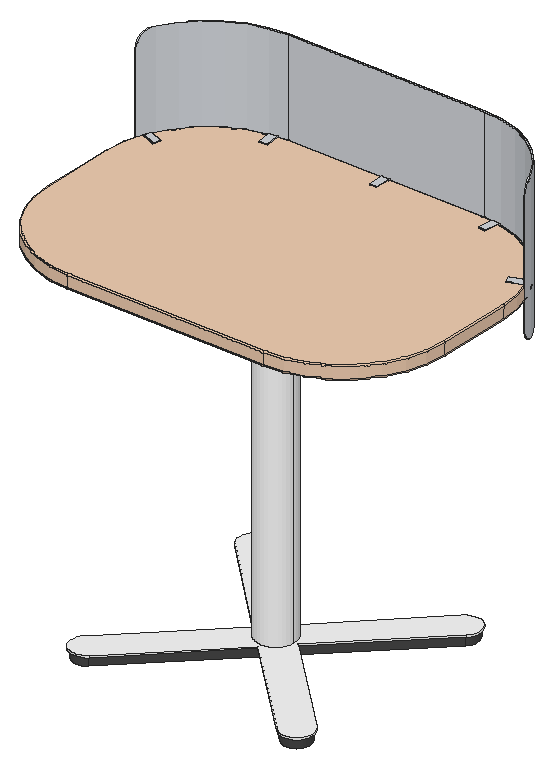
Revit family "DBLTD_TheSenatorGroup_OfficeTables_X&Y", category Furniture, Revit 2021
Family settings
  OmniClass Number = 23.40.20.00
  OmniClass Title = General Furniture and Specialties
  Work Plane-Based = No
  Always vertical = Yes
  Cut with Voids When Loaded = No
  Shared = Yes
  Room Calculation Point = No
Parameters (values of type "Soft Rectangle")
  WorktopMaterial = DBLTD_TheSenatorGroup_Wood_Oak
  WorksurfaceArea = NominalWidth * NominalDepth  # 0.3975 m²
  WithScreen (04 & 04A only) [instance] = yes
  WarrantyStartDate [instance] = " "
  WarrantyGuarantorParts = "https://www.thesenatorgroup.com/"
  WarrantyGuarantorLabor = "https://www.thesenatorgroup.com/"
  WarrantyDurationUnit = "years"
  WarrantyDurationParts = "5"
  WarrantyDurationLabor = "5"
  WarrantyDescription = "The Senator Group warrants that its manufactured products are free from manufacturing defects - in materials or workmanship - for a period of five (5) years.\r\nAllermuir will repair, or replace (at Allermuir’s sole discretion) with comparable free of charge materials/ components, any product/ component which fails under normal use in a single shift environment, as a result of a defect in the materials and/or workmanship.\r\n\r\nExceptions -\r\nNon-standard product - 2 years\r\nScreen-mounted Accessories/ Dry-wipe Boards - 2 years\r\nElectrical and/or electronic componentry - 2 years\r\n\r\nExclusions - Allermuir does not warrant:\r\nFailure due to normal “Wear and Tear”.\r\nNatural variations in appearance of wood - its grain, figure and colour.\r\nChanges in surface appearance resulting from exposure to light, and the natural ageing process of wood.\r\nChanges in surface appearance resulting from the misuse of cleaning materials and methods/ damage form sharp objects/ imprinting from writing implements.\r\nNatural variations in Leather - its marks, scars and wrinkles.\r\nProduct stored/ exposed to extreme operational conditions.\r\nConsumable components such as Fuses/ Lights/ lamps/ transformers/etc.\r\nOther Manufacturer’s product supplied by Allermuir (their own warranty shall apply where possible).\r\nNon-standard fabrics/ finishes or veneers used. Allermuir only checks the manufacturing quality of Customer’s\r\nOwn Material (COM) and provides no warranty for the finish/ fabric itself.\r\nProduct which has not been installed/ moved/ reconfigured by Allermuir approved personnel.\r\nAllermuir shall be under no liability whatsoever for any consequential damage, loss or other expenses whether arising out of contract, negligence or otherwise."
  Version = "1"
  Uniclass2015Version = "Products v1.15"
  Uniclass2015Title = "Office tables"
  Uniclass2015Code = "Pr_40_50_21_60"
  URL = "https://www.thesenatorgroup.com/"
  Type Comments = ModelReference  # "Soft Rectangle"
  TagNumber [instance] = " "
  TableType = Nested_DBLTD_TheSenatorGroup_OfficeTables_X&Y_04 : Nested_DBLTD_TheSenatorGroup_OfficeTables_X&Y_04
  SustainabilityPerformance = "n/a"
  Size = "685 - 1185 x 750 x 530 mm"
  Shape = "Rectangular"
  SerialNumber [instance] = " "
  ScreenMaterial [instance] = DBLTD_TheSenatorGroup_Plastic_White
  Revision = ""
  ReplacementCost = "n/a"
  ProductInformation = "https://www.senator.online/en-gb/Ranges/x-y"
  NumberOfChairs = 0
  NominalWidth = 750 mm
  NominalHeight [instance] = 680 mm
  NominalDepth = 530 mm
  Name = "Table"
  ModelReference = "Soft Rectangle"
  ModelNumber = "XY04"
  Model = ModelNumber  # "XY04"
  Material = "Frame: Easy lift frame finished in black or white powder coat. Top: 25mm MFC top with matching edge tape"
  ManufacturerURL = "https://www.thesenatorgroup.com/"
  ManufacturerName = "The Senator Group"
  Keynote = Category  # "Pr_40_50_21_60 Office tables"
  InstallationDate [instance] = " "
  Grade = "n/a"
  FrameMaterial [instance] = DBLTD_TheSenatorGroup_Metal_White
  Finish = "Frame; Black, White. Top; Variable"
  Features = "OH: 685mm - 1185mm"
  ExpectedLife = "5"
  DurationUnit = "years"
  Cost = 0
  Constituents = "Frame, Top"
  Color = "Frame; Black, White. Top; Variable"
  CodePerformance = "n/a"
  Category = "Pr_40_50_21_60 Office tables"
  Manufacturer = ManufacturerName  # "The Senator Group"
  Description = ModelReference  # "Soft Rectangle"
  Default Elevation = 0 mm
  CableTrayMaterial [instance] = DBLTD_TheSenatorGroup_Plastic_Black
  BarCode [instance] = " "
  Author = "Diane Butterworth Ltd"
  AssetType = "Movable"
  AssetIdentifier [instance] = " "
  Assembly Code = "E2020200"
  AccessibilityPerformance = "n/a"
Types (5, lengths in mm): name | WorksurfaceArea | WithScreen (04 & 04A only) | Type Comments | TableType | Size | NominalWidth | NominalHeight | NominalDepth | ModelReference | ModelNumber | Model | Features | Description
  Small Soft Rectangle | 0.1925 m² | no | "Small Soft Rectangle" | Nested_DBLTD_TheSenatorGroup_OfficeTables_X&Y_01 : Nested_DBLTD_TheSenatorGroup_OfficeTables_X&Y_01 | "545 - 795 x 350 x 550 mm" | 350 | 545 | 550 | "Small Soft Rectangle" | "XY01" | "XY01" | "OH: 545 - 795mm" | "Small Soft Rectangle"
  Small Soft Square | 0.25 m² | no | "Small Soft Square" | Nested_DBLTD_TheSenatorGroup_OfficeTables_X&Y_02 : Nested_DBLTD_TheSenatorGroup_OfficeTables_X&Y_02 | "545 - 795 x 500 x 500 mm" | 500 | 545 | 500 | "Small Soft Square" | "XY02" | "XY02" | "OH: 545 - 795mm" | "Small Soft Square"
  Large Soft Rectangle | 0.60 m² | no | "Large Soft Rectangle" | Nested_DBLTD_TheSenatorGroup_OfficeTables_X&Y_03 : Nested_DBLTD_TheSenatorGroup_OfficeTables_X&Y_03 | "685 - 1185 x 1200 x 500 mm" | 1200 | 680 | 500 | "Large Soft Rectangle" | "XY03" | "XY03" | "OH: 685mm - 1185mm" | "Large Soft Rectangle"
  Soft Rectangle | 0.3975 m² | yes | "Soft Rectangle" | Nested_DBLTD_TheSenatorGroup_OfficeTables_X&Y_04 : Nested_DBLTD_TheSenatorGroup_OfficeTables_X&Y_04 | "685 - 1185 x 750 x 530 mm" | 750 | 680 | 530 | "Soft Rectangle" | "XY04" | "XY04" | "OH: 685mm - 1185mm" | "Soft Rectangle"
  Soft Rectangle with Battery Docking Station | 0.3975 m² | yes | "Soft Rectangle with Battery Docking Station" | Nested_DBLTD_TheSenatorGroup_OfficeTables_X&Y_04A : Nested_DBLTD_TheSenatorGroup_OfficeTables_X&Y_04A | "685 - 1185 x 750 x 530 mm" | 750 | 680 | 530 | "Soft Rectangle with Battery Docking Station" | "XY04A" | "XY04A" | "OH: 685mm - 1185mm, Docking cradle for battery" | "Soft Rectangle with Battery Docking Station"
Reference planes
  plane 1 "Center (Front/Back)": y = 0
  plane 2: z = 0
  plane 3 "Center (Left/Right)": x = 0
  plane 4: z = 680
  plane 5: z = 655
Dimensions and locks
  "NominalHeight": plane 4 to level
  plane 4 to plane 5 = 25 mm
  aligned and locked: level to plane 2
Nested families
  nested 1: "Nested_DBLTD_TheSenatorGroup_OfficeTables_X&Y_04" at (0, 0, 0), type <- "TableType", OveralHeight <- "NominalHeight", FrameMaterial <- "FrameMaterial", WorktopMaterial <- "WorktopMaterial", WithScreen <- "WithScreen (04 & 04A only)", type "Nested_DBLTD_TheSenatorGroup_OfficeTables_X&Y_04"
    with WorktopMaterial DBLTD_TheSenatorGroup_Wood_Oak, WithScreen yes, ScreenMaterial none, OveralHeight 680 mm, FrameMaterial DBLTD_TheSenatorGroup_Metal_White, CableTrayMaterial none
Definition of nested family "Nested_DBLTD_TheSenatorGroup_OfficeTables_X&Y_04"
  Parameters (values of type "Nested_DBLTD_TheSenatorGroup_OfficeTables_X&Y_04")
    WorktopMaterial [instance] = none
    WithScreen [instance] = yes
    ScreenMaterial [instance] = none
    OveralHeight [instance] = 685 mm
    FrameMaterial [instance] = none
    Default Elevation = 0 mm
    CableTrayMaterial [instance] = none
  Reference planes
    plane 1 "Center (Front/Back)": y = 0
    plane 2: z = 0
    plane 3 "Center (Left/Right)": x = 0
    plane 4: z = 685
    plane 5: z = 659.949
    plane 6: z = 659.949
    plane 7: z = 642.5
    plane 8: x = -374.752
    plane 9: x = 375.248
    plane 10: y = -260
    plane 11: y = 260
    plane 12: z = 862.555
    plane 13: z = 587.506
  Forms (mm)
    Extrusion 1, solid, material <- "WorktopMaterial"
      sketch origin (0, 0, 0) x (1, 0, 0) y (0, 1, 0)
        loop
          arc (-184.752, 260) -> (-319.102, 204.35) -> (-374.752, 70) r 190
          line (-374.752, 70) -> (-374.752, -70)
          arc (-374.752, -70) -> (-319.102, -204.35) -> (-184.752, -260) r 190
          line (-184.752, -260) -> (185.248, -260)
          arc (185.248, -260) -> (319.598, -204.35) -> (375.248, -70) r 190
          line (375.248, -70) -> (375.248, 70)
          arc (375.248, 70) -> (319.598, 204.35) -> (185.248, 260) r 190
          line (185.248, 260) -> (-184.752, 260)
      from 659.949 to 685
    Sweep 2, void
      path in 3D
        loop
          arc (-374.752, -70, 685) -> (-319.102, -204.35, 685) -> (-184.752, -260, 685) r 190
          line (-184.752, -260, 685) -> (185.248, -260, 685)
          arc (185.248, -260, 685) -> (319.598, -204.35, 685) -> (375.248, -70, 685) r 190
          line (375.248, -70, 685) -> (375.248, 70, 685)
          arc (375.248, 70, 685) -> (319.598, 204.35, 685) -> (185.248, 260, 685) r 190
          line (185.248, 260, 685) -> (-184.752, 260, 685)
          arc (-184.752, 260, 685) -> (-319.102, 204.35, 685) -> (-374.752, 70, 685) r 190
          line (-374.752, 70, 685) -> (-374.752, -70, 685)
      profile origin (-374.752, 0, 685) x (1, 0, 0) y (0, 0, 1)
        loop
          line (0, 0) -> (0, -2.014)
          arc (0, -2.014) -> (0.59, -0.59) -> (2.014, 0) r 2.014
          line (2.014, 0) -> (0, 0)
        loop
          line (0, -25.051) -> (2.014, -25.051)
          arc (2.014, -25.051) -> (0.59, -24.461) -> (0, -23.037) r 2.014
          line (0, -23.037) -> (0, -25.051)
    Extrusion 3, solid, material <- "FrameMaterial"
      sketch origin (0, 0, 0) x (1, 0, 0) y (0, 1, 0)
        loop
          circle (0, 0) r 35
      from 20.5 to 642.5
    Extrusion 4, solid, material <- "FrameMaterial"
      sketch origin (0, 0, 0) x (0.707107, 0.707107, 0) y (-0.707107, 0.707107, 0)
        loop
          line (-30, 279.757) -> (-30, 30) -> (-279.801, 30)
          arc (-279.801, 30) -> (-309.801, 0) -> (-279.801, -30) r 30
          line (-279.801, -30) -> (-30, -30) -> (-30, -279.801)
          arc (-30, -279.801) -> (0, -309.801) -> (30, -279.801) r 30
          line (30, -279.801) -> (30, -30) -> (279.801, -30)
          arc (279.801, -30) -> (309.801, 0) -> (279.801, 30) r 30
          line (279.801, 30) -> (30, 30) -> (30, 279.757)
          arc (30, 279.757) -> (0, 309.757) -> (-30, 279.757) r 30
      from 20.5 to 17.5
    Extrusion 5, solid
      sketch origin (0, 0, 0) x (0.707107, 0.707107, 0) y (-0.707107, 0.707107, 0)
        loop
          line (-25, 279.757) -> (-25, 25) -> (-279.801, 25)
          arc (-279.801, 25) -> (-304.801, 0) -> (-279.801, -25) r 25
          line (-279.801, -25) -> (-25, -25) -> (-25, -279.801)
          arc (-25, -279.801) -> (0, -304.801) -> (25, -279.801) r 25
          line (25, -279.801) -> (25, -25) -> (279.801, -25)
          arc (279.801, -25) -> (304.801, 0) -> (279.801, 25) r 25
          line (279.801, 25) -> (25, 25) -> (25, 279.757)
          arc (25, 279.757) -> (0, 304.757) -> (-25, 279.757) r 25
      from 0 to 17.5
    Extrusion 6, solid, material <- "FrameMaterial"
      sketch origin (0, 0, 0) x (1, 0, 0) y (0, 1, 0)
        loop
          line (-95, 95) -> (-95, -95) -> (95, -95) -> (95, 95) -> (-95, 95)
      from 654.949 to 659.949
    Extrusion 7, solid, material <- "FrameMaterial"
      sketch origin (0, 0, 0) x (1, 0, 0) y (0, 1, 0)
        loop
          circle (0, 0) r 30
      from 654.949 to 642.5
    Extrusion 8, solid
      sketch origin (0, 0, -78.551) x (1, 0, 0) y (0, 0, 1)
        loop
          line (250, 738.5) -> (250, 715.977) -> (272.025, 715.977) -> (278.76, 712.088) -> (302.48, 724.174) -> (332.813, 709.379) -> (334.65, 713.146) -> (282.666, 738.5) -> (250, 738.5)
      from -30 to 30
    Extrusion 9, solid, not visible
      sketch origin (0, 0, 0) x (1, 0, 0) y (0, 0, 1)
        loop
          line (250, 738.5) -> (250, 715.977) -> (272.025, 715.977) -> (278.76, 712.088) -> (302.48, 724.174) -> (332.813, 709.379) -> (334.65, 713.146) -> (282.666, 738.5) -> (250, 738.5)
      from -30 to 30
    Sweep 10, solid, material <- "CableTrayMaterial", not visible
      path origin (0, 0, -421.449) x (1, 0, 0) y (0, 1, 0)
        loop
          line (-168, 144.14) -> (168, 144.14)
          arc (168, 144.14) -> (185.678, 151.463) -> (193, 169.14) r 25
          line (193, 169.14) -> (193, 209.14)
          arc (193, 209.14) -> (185.678, 226.818) -> (168, 234.14) r 25
          line (168, 234.14) -> (-168, 234.14)
          arc (-168, 234.14) -> (-185.678, 226.818) -> (-193, 209.14) r 25
          line (-193, 209.14) -> (-193, 169.14)
          arc (-193, 169.14) -> (-185.678, 151.463) -> (-168, 144.14) r 25
      profile origin (0, 144.14, -421.449) x (0, 1, 0) y (0, 0, 1)
        loop
          line (12.335, 1185) -> (12.335, 1191.253)
          arc (12.335, 1191.253) -> (11.53, 1193.196) -> (9.588, 1194) r 2.747
          line (9.588, 1194) -> (2.994, 1194) -> (0, 1191.006) -> (0, 1185) -> (12.335, 1185)
    Extrusion 11, solid, material <- "ScreenMaterial", visible <- "WithScreen"
      sketch origin (0, 0, 0) x (1, 0, 0) y (0, 1, 0)
        loop
          line (-184.752, 260) -> (185.248, 260)
          arc (185.248, 260) -> (300.876, 220.765) -> (368.75, 119.265) r 190
          line (368.75, 119.265) -> (370.636, 119.951)
          arc (370.636, 119.951) -> (302.024, 222.405) -> (185.248, 262) r 192
          line (185.248, 262) -> (-184.752, 262)
          arc (-184.752, 262) -> (-301.596, 222.353) -> (-370.185, 119.787) r 192
          line (-370.185, 119.787) -> (-368.298, 119.1)
          arc (-368.298, 119.1) -> (-300.448, 220.713) -> (-184.752, 260) r 190
      from 587.506 to 862.555
    Extrusion 12, void
      sketch origin (0, 0, 0) x (0, 1, 0) y (0, 0, 1)
        loop
          line (110, 872.555) -> (110, 577.506) -> (157.857, 577.506) -> (157.857, 587.256)
          arc (157.857, 587.256) -> (136.644, 596.043) -> (127.857, 617.256) r 30
          line (127.857, 617.256) -> (127.857, 832.805)
          arc (127.857, 832.805) -> (136.644, 854.018) -> (157.857, 862.805) r 30
          line (157.857, 862.805) -> (157.857, 872.555) -> (110, 872.555)
      from -374.752 to 375.248
    Extrusion 13, solid, material <- "CableTrayMaterial", visible <- "WithScreen"
      sketch origin (0, 0, 0) x (0, 1, 0) y (0, 0, 1)
        loop
          line (260, 659.949) -> (260, 686) -> (230, 686) -> (230, 685) -> (259, 685) -> (259, 659.949) -> (260, 659.949)
      from -7.35 to 6.959
    Extrusion 14, solid, material <- "CableTrayMaterial", visible <- "WithScreen"
      sketch origin (-173.929, 0.583, 0) x (-0.139173, 0.990268, 0) y (0, 0, 1)
        loop
          line (260, 659.949) -> (260, 686) -> (230, 686) -> (230, 685) -> (259, 685) -> (259, 659.949) -> (260, 659.949)
      from -7.35 to 6.959
    Extrusion 15, solid, material <- "CableTrayMaterial", visible <- "WithScreen"
      sketch origin (173.929, 0.583, 0) x (0.139173, 0.990268, 0) y (0, 0, -1)
        loop
          line (260, -659.949) -> (259, -659.949) -> (259, -685) -> (230, -685) -> (230, -686) -> (260, -686) -> (260, -659.949)
      from -7.35 to 6.959
    Extrusion 16, solid, material <- "CableTrayMaterial", visible <- "WithScreen"
      sketch origin (-118.133, 47.115, 0) x (-0.927184, 0.374607, 0) y (0, 0, 1)
        loop
          line (260, 659.949) -> (260, 686) -> (230, 686) -> (230, 685) -> (259, 685) -> (259, 659.949) -> (260, 659.949)
      from -7.35 to 6.959
    Extrusion 17, solid, material <- "CableTrayMaterial", visible <- "WithScreen"
      sketch origin (118.133, 47.115, 0) x (0.927184, 0.374607, 0) y (0, 0, -1)
        loop
          line (260, -659.949) -> (259, -659.949) -> (259, -685) -> (230, -685) -> (230, -686) -> (260, -686) -> (260, -659.949)
      from -7.35 to 6.959
  Cuts and joins
    Sweep 2 cuts Extrusion 1
    Extrusion 12 cuts Extrusion 11
  Lines and regions (mm)
    sketch lines
      curve 1: line (-374.752, 70, 685) -> (-374.752, -70, 685)
      curve 2: arc (-374.752, 70, 685) -> (-319.102, 204.35, 685) -> (-184.752, 260, 685) r 190
      curve 3: line (185.248, 260, 685) -> (-184.752, 260, 685)
      curve 4: arc (185.248, 260, 685) -> (319.598, 204.35, 685) -> (375.248, 70, 685) r 190
      curve 5: line (375.248, -70, 685) -> (375.248, 70, 685)
      curve 6: arc (375.248, -70, 685) -> (319.598, -204.35, 685) -> (185.248, -260, 685) r 190
      curve 7: line (-184.752, -260, 685) -> (185.248, -260, 685)
      curve 8: arc (-184.752, -260, 685) -> (-319.102, -204.35, 685) -> (-374.752, -70, 685) r 190
  Dimensions and locks
    locked: plane 4 to plane 5 at 25.051
    locked: plane 7 to level at 642.5
    "OveralHeight": plane 4 to level
    locked: plane 5 to plane 6
    locked: plane 6 to Extrusion 6 at 5
    plane 12 to plane 13 = 275.048 mm
    locked: plane 12 to plane 4 at 177.555
    aligned and locked: level to plane 2
    aligned and locked: plane 4 to Extrusion 1
    aligned and locked: Extrusion 1 to plane 5
    aligned and locked: plane 7 to Extrusion 3
    aligned and locked: plane 6 to Extrusion 6
    aligned and locked: Extrusion 7 to plane 7
    aligned and locked: Extrusion 7 to Extrusion 6
    aligned and locked: plane 6 to Extrusion 8
    aligned and locked: Extrusion 1 to Extrusion 12
    aligned and locked: Extrusion 12 to Extrusion 1
    aligned and locked: plane 12 to Extrusion 11
    aligned and locked: cut or joined group of Extrusion 11, Extrusion 12 to plane 13
    aligned and locked: Extrusion 14 to plane 5
    aligned and locked: Extrusion 13 to plane 5
    aligned and locked: Extrusion 15 to plane 6
    aligned and locked: Extrusion 16 to plane 6
    aligned and locked: Extrusion 17 to plane 6
  Automatic sketch dimensions
    Extrusion 8 sketch curve to Extrusion 8 sketch curve = 22.025 mm
    Extrusion 8 sketch curve to Extrusion 8 sketch curve = 6.735 mm
    Extrusion 8 sketch curve to Extrusion 8 sketch curve = 23.719 mm
    Extrusion 8 sketch curve to Extrusion 8 sketch curve = 30.333 mm
    Extrusion 8 sketch curve to Extrusion 8 sketch curve = 1.837 mm
    Extrusion 8 sketch curve to Extrusion 8 sketch curve = 19.813 mm
    Extrusion 8 sketch curve to Extrusion 8 sketch curve = 2.709 mm
    Extrusion 8 sketch curve to Extrusion 8 sketch curve = 3.767 mm
    Extrusion 8 sketch curve to Extrusion 8 sketch curve = 22.523 mm
    Extrusion 9 sketch curve to Extrusion 9 sketch curve = 22.025 mm
    Extrusion 9 sketch curve to Extrusion 9 sketch curve = 6.735 mm
    Extrusion 9 sketch curve to Extrusion 9 sketch curve = 23.719 mm
    Extrusion 9 sketch curve to Extrusion 9 sketch curve = 30.333 mm
    Extrusion 9 sketch curve to Extrusion 9 sketch curve = 1.837 mm
    Extrusion 9 sketch curve to Extrusion 9 sketch curve = 19.813 mm
    Extrusion 9 sketch curve to Extrusion 9 sketch curve = 2.709 mm
    Extrusion 9 sketch curve to Extrusion 9 sketch curve = 3.767 mm
    Extrusion 9 sketch curve to Extrusion 9 sketch curve = 22.523 mm
    Sweep 10 sketch curve to Sweep 10 sketch curve = 25 mm  (x3)
    Sweep 10 sketch curve to Sweep 10 sketch curve = 0 mm
    Sweep 10 sketch curve to Sweep 10 sketch curve = 40 mm
    Sweep 10 sketch curve to profile plane = 0 mm
    Sweep 10 sketch curve to profile plane = 2.994 mm
    Sweep 10 sketch curve to Sweep 10 sketch curve = 6.594 mm
    Sweep 10 sketch curve to Sweep 10 sketch curve = 2.747 mm
    Sweep 10 sketch curve to Sweep 10 sketch curve = 6.006 mm
    Sweep 10 sketch curve to Sweep 10 sketch curve = 6.253 mm
    Sweep 10 sketch curve to Sweep 10 sketch curve = 336 mm
    profile plane to Sweep 10 sketch curve = 1185 mm
    Extrusion 1 sketch curve to plane 8 = 0 mm
    Extrusion 1 sketch curve to plane 11 = 0 mm
    Extrusion 1 sketch curve to plane 10 = 0 mm
    Extrusion 1 sketch curve to plane 9 = 0 mm
    Extrusion 1 sketch curve to plane 3 "Center (Left/Right)" = 184.752 mm
    Extrusion 1 sketch curve to plane 1 "Center (Front/Back)" = 70 mm  (x2)
    plane 3 "Center (Left/Right)" to Extrusion 1 sketch curve = 185.248 mm
    profile plane to Sweep 2 sketch curve = 0 mm  (x2)
    Sweep 2 sketch curve to profile plane = 0 mm
    Sweep 2 sketch curve to profile plane = 2.014 mm  (x2)
    Sweep 2 sketch curve to Sweep 2 sketch curve = 21.022 mm
    plane 1 "Center (Front/Back)" to Extrusion 3 sketch curve = 0 mm
    Extrusion 3 sketch curve to plane 3 "Center (Left/Right)" = 0 mm
    Extrusion 4 sketch curve to plane 3 "Center (Left/Right)" = 0 mm  (x2)
    plane 1 "Center (Front/Back)" to Extrusion 4 sketch curve = 0 mm  (x2)
    plane 10 to Extrusion 4 sketch curve = 83.364 mm
    plane 8 to Extrusion 4 sketch curve = 155.69 mm
    Extrusion 4 sketch curve to Extrusion 4 sketch curve = 0 mm
    Extrusion 4 sketch curve to Extrusion 4 sketch curve = 30 mm  (x2)
    Extrusion 4 sketch curve to Extrusion 4 sketch curve = 249.801 mm  (x2)
    Extrusion 4 sketch curve to Extrusion 4 sketch curve = 249.757 mm
    Extrusion 5 sketch curve to plane 3 "Center (Left/Right)" = 0 mm  (x2)
    plane 1 "Center (Front/Back)" to Extrusion 5 sketch curve = 0 mm  (x2)
    plane 10 to Extrusion 5 sketch curve = 79.829 mm
    plane 8 to Extrusion 5 sketch curve = 159.225 mm
    Extrusion 5 sketch curve to Extrusion 5 sketch curve = 0 mm
    Extrusion 5 sketch curve to Extrusion 5 sketch curve = 25 mm  (x2)
    Extrusion 5 sketch curve to Extrusion 5 sketch curve = 254.801 mm  (x2)
    Extrusion 5 sketch curve to Extrusion 5 sketch curve = 254.757 mm
    Extrusion 6 sketch curve to plane 3 "Center (Left/Right)" = 95 mm
    plane 3 "Center (Left/Right)" to Extrusion 6 sketch curve = 95 mm
    plane 1 "Center (Front/Back)" to Extrusion 6 sketch curve = 95 mm
    Extrusion 6 sketch curve to plane 1 "Center (Front/Back)" = 95 mm
    plane 1 "Center (Front/Back)" to Extrusion 7 sketch curve = 0 mm
    Extrusion 7 sketch curve to plane 3 "Center (Left/Right)" = 0 mm
    Extrusion 11 sketch curve to Extrusion 11 sketch curve = 0 mm  (x4)
    Extrusion 11 sketch curve to plane 11 = 0 mm
    plane 8 to Extrusion 11 sketch curve = 4.567 mm
    Extrusion 11 sketch curve to Extrusion 11 sketch curve = 1.887 mm
    Extrusion 11 sketch curve to plane 1 "Center (Front/Back)" = 70 mm  (x2)
    Extrusion 11 sketch curve to plane 3 "Center (Left/Right)" = 184.752 mm
    plane 3 "Center (Left/Right)" to Extrusion 11 sketch curve = 185.248 mm
    Extrusion 11 sketch curve to plane 9 = 6.498 mm
    Extrusion 11 sketch curve to Extrusion 11 sketch curve = 1.886 mm
    Extrusion 11 sketch curve to Extrusion 11 sketch curve = 0.687 mm
    plane 12 to Extrusion 12 sketch curve = 10 mm
    Extrusion 12 sketch curve to plane 1 "Center (Front/Back)" = 110 mm
    Extrusion 12 sketch curve to Extrusion 12 sketch curve = 17.857 mm
    Extrusion 12 sketch curve to Extrusion 12 sketch curve = 47.857 mm  (x2)
    Extrusion 12 sketch curve to plane 13 = 10 mm
    Extrusion 12 sketch curve to plane 13 = 0.25 mm
    Extrusion 12 sketch curve to plane 12 = 29.75 mm
    Extrusion 13 sketch curve to plane 4 = 0 mm
    Extrusion 13 sketch curve to plane 11 = 0 mm
    Extrusion 13 sketch curve to plane 11 = 1 mm
    plane 4 to Extrusion 13 sketch curve = 1 mm
    Extrusion 13 sketch curve to Extrusion 13 sketch curve = 29 mm
    plane 7 to Extrusion 13 sketch curve = 17.449 mm
    plane 4 to Extrusion 14 sketch curve = 0 mm
    plane 7 to Extrusion 14 sketch curve = 17.449 mm
    Extrusion 14 sketch curve to Extrusion 14 sketch curve = 29 mm
    Extrusion 14 sketch curve to Extrusion 14 sketch curve = 1 mm
    plane 4 to Extrusion 14 sketch curve = 1 mm
    plane 4 to Extrusion 15 sketch curve = 0 mm
    plane 7 to Extrusion 15 sketch curve = 17.449 mm
    Extrusion 15 sketch curve to Extrusion 15 sketch curve = 29 mm
    Extrusion 15 sketch curve to Extrusion 15 sketch curve = 1 mm
    plane 4 to Extrusion 15 sketch curve = 1 mm
    plane 4 to Extrusion 16 sketch curve = 0 mm
    plane 7 to Extrusion 16 sketch curve = 17.449 mm
    Extrusion 16 sketch curve to Extrusion 16 sketch curve = 29 mm
    Extrusion 16 sketch curve to Extrusion 16 sketch curve = 1 mm
    plane 4 to Extrusion 16 sketch curve = 1 mm
    plane 4 to Extrusion 17 sketch curve = 0 mm
    plane 7 to Extrusion 17 sketch curve = 17.449 mm
    Extrusion 17 sketch curve to Extrusion 17 sketch curve = 29 mm
    Extrusion 17 sketch curve to Extrusion 17 sketch curve = 1 mm
    plane 4 to Extrusion 17 sketch curve = 1 mm
    radius of Extrusion 3 sketch curve = 35 mm
    radius of Extrusion 7 sketch curve = 30 mm
